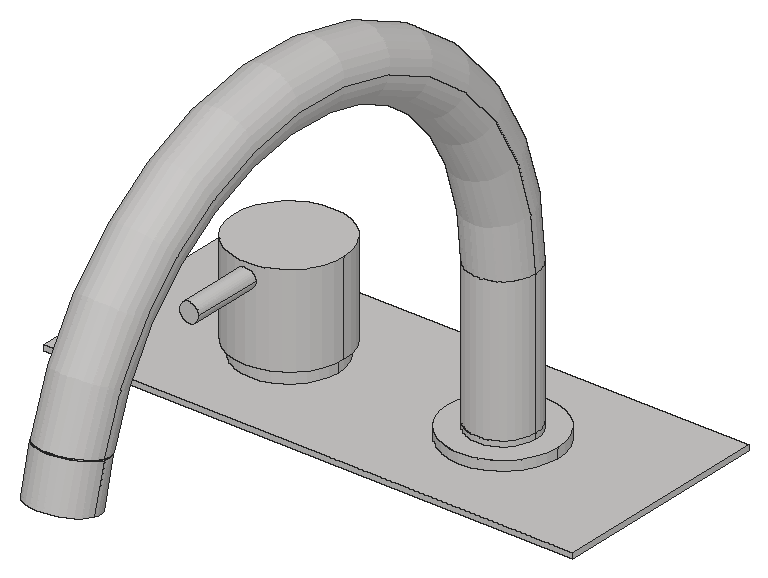
Revit family "BK7", category Generic Models, Revit 2021
Family settings
  Can host rebar = No
  Round Connector Dimension = Use Diameter
  Part Type = Normal
  Work Plane-Based = No
  Always vertical = Yes
  Cut with Voids When Loaded = No
  Shared = No
  Room Calculation Point = No
Parameters (values of type "Standard")
  e-mail = "info@vola.com"
  URL = "http://vola.com"
  Telephone = "+45 7023 5500"
  Quality management standard = "ISO 9001"
  Organisation no. / DUNS no. = "17531328"
  Occupational health and safety management standard = "ISO 18001"
  Mounting Instructions = "http://vola.com/service/producturl.ashx?name=BK7"
  Model = "BK7"
  Materials and components information = "http://vola.com/service/producturl.ashx?name=BK7"
  Manufacturer = "VOLA A/S"
  Maintenance Instructions = "http://vola.com/service/producturl.ashx?name=BK7"
  Guarantee = "2 years"
  Flow = "30,00 l/min"
  Environmental management standard = "ISO 14000"
  Default Elevation = 0.0000 mm
  Connection - All relevant connections = "½\" flexible hose"
  Approvals = "http://vola.com/service/producturl.ashx?name=BK7"
Reference planes
  plane 1 "Center (Front/Back)": y = 0
  plane 2: z = 0
  plane 3 "Center (Left/Right)": x = 0
Forms (mm)
  Extrusion 1, solid, material "Stainless Steel"
    sketch origin (0, 0, 2) x (1, 0, 0) y (0, 1, 0)
      loop
        circle (0, 0) r 20
    from 0 to 3.5
  Extrusion 2, solid, material "Stainless Steel"
    sketch origin (0, 0, 5.5) x (1, 0, 0) y (0, 1, 0)
      loop
        circle (0, 0) r 12
    from 0 to 2
  Sweep 3, solid, material "Stainless Steel"
    path origin (0, 0, 0) x (0, 1, 0) y (0, 0, 1)
      loop
        line (0, 7.5) -> (0, 59.5)
        arc (0, 59.5) -> (-86.947, 158.644) -> (-196.593, 85.382) r 100
    profile origin (0, 0, 33.5) x (0, -1, 0) y (1, 0, 0)
      loop
        circle (0, 0) r 12
  Extrusion 4, solid, material "Stainless Steel"
    sketch origin (0, -196.593, 85.382) x (1, 0, 0) y (0, -0.965926, 0.258819)
      loop
        circle (0, 0) r 11.5
    from 0 to 0.5
  Extrusion 5, solid, material "Stainless Steel"
    sketch origin (0, -196.722, 84.899) x (1, 0, 0) y (0, -0.965926, 0.258819)
      loop
        circle (0, 0) r 12
    from 0 to 17.2
  Extrusion 6, solid, material "Stainless Steel"
    sketch origin (-78, 0, 0) x (1, 0, 0) y (0, 1, 0)
      loop
        circle (0, 0) r 20
    from 7 to 40.5
  Extrusion 7, solid, material "Stainless Steel"
    sketch origin (-78, 0, 0) x (1, 0, 0) y (0, 1, 0)
      loop
        circle (0, 0) r 18
    from 2 to 7
  Extrusion 8, solid, material "Stainless Steel"
    sketch origin (-78, 0, 0.75) x (1, 0, 0) y (0, 0, 1)
      loop
        circle (0, 34.5) r 3.5
    from 19 to 45.5
  Extrusion 9, solid, material "Stainless Steel"
    sketch origin (78, 0, 6.5) x (1, 0, 0) y (0, 1, 0)
      loop
        line (-213.5, 40) -> (-213.5, -40) -> (-20.5, -40) -> (-20.5, 40) -> (-213.5, 40)
    from -6.5 to -4.5
Cuts and joins
  joined: Extrusion 6, Extrusion 8
Lines and regions (mm)
  model lines
    curve 1: line (-71.95, 19.141, 40.5) -> (-71.95, -19.141, 40.5)
    curve 2: line (-84.05, 19.141, 40.5) -> (-84.05, -19.141, 40.5)
Dimensions and locks
  aligned and locked: plane 2 to level
